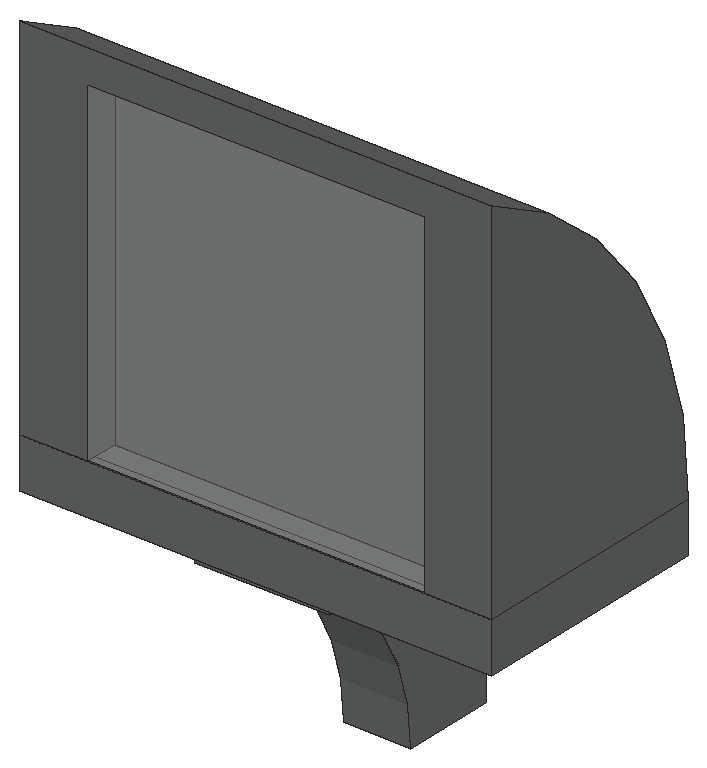
Revit family "Cruzer", category Lighting Fixtures, host Face, Revit 2012
Parameters (values of type "Basic Black Textured")
  Wattage Comments = "27,55,80,110 & 136 Watts"  # constant formula
  Wattage = 27 W
  built-in parameter 1150110 = 1 (stored number, unit not read)
  Voltage = 120 V
  URL = "http://www.beaconproducts.com/"
  built-in parameter 1114217 = 1 (stored number, unit not read)
  Tilt Angle = 90.00°  # constant formula
  built-in parameter 1150109 = 1 (stored number, unit not read)
  built-in parameter 1150134 = 3
  built-in parameter 1150113 = 1 (stored number, unit not read)
  Product Page URL = "http://www.beaconproducts.com/products/cruzer"
  Product Documentation Link = "http://www.beaconproducts.com/content/products/specs/specs_files/Cruzer_LED_spec_sheet.pdf"
  Photometric Web File = "CRZ-24NB-27-3K-T2.ies"
  Photometric Link = "http://www.beaconproducts.com/products/cruzer"
  Mounting Option = AM : AM
  Model = "CRUZER"  # constant formula
  Manufacturer Phone = "800-345-4928"  # constant formula
  Manufacturer Fax = "941-751-5535"  # constant formula
  Manufacturer = "Beacon Lighting"  # constant formula
  built-in parameter 1150105 = 319.16 (stored number, unit not read)
  Lumens = 4010.63 lm
  built-in parameter 1150115 = 1 (stored number, unit not read)
  Load Classification = Lighting
  built-in parameter 1150137 = (empty or 0)
  built-in parameter 1150139 = (empty or 0)
  built-in parameter 1150112 = 1 (stored number, unit not read)
  built-in parameter 1150114 = 1 (stored number, unit not read)
  Lamp = "LED"
  Input Wattage = 27 W
  built-in parameter 1150132 = (empty or 0)
  built-in parameter 1150102 = (empty or 0)
  built-in parameter 1150107 = 3200 (stored number, unit not read)
  built-in parameter 1150138 = (empty or 0)
  built-in parameter 1150106 = 3.1916 (stored number, unit not read)
  Glass = Hubbell - Glass
  Product Material = Paint - Hubbell - Basic Black Textured
  Emit from Rectangle Width = 10.00"  # constant formula
  Emit from Rectangle Length = 10.00"  # constant formula
  Emit Shape Visible in Rendering = no
  built-in parameter 1150104 = 13.8 (stored number, unit not read)
  Dimming Lamp Color Temperature Shift = <None>
  Description = "Cruzer Area Luminaire"  # constant formula
  Default Elevation = 48.00"
  Color Filter = 16777215
  built-in parameter 1114218 = 1 (stored number, unit not read)
  built-in parameter 1150133 = 10 (stored number, unit not read)
  Assembly Code = ""
  Apparent Load = 0 VA
Types (12): name | Product Material | Assembly Code
  Basic Black Textured | Paint - Hubbell - Basic Black Textured | ""
  Black Matte Textured | Paint - Hubbell - Black Matte Textured | ""
  Bronze Textured | Paint - Hubbell - Bronze Textured | ""
  Dark Bronze Textured | Paint - Hubbell - Dark Bronze Textured | ""
  Dark Platinum Smooth | Paint - Hubbell - Dark Platinum Smooth | ""
  Gray Smooth | Paint - Hubbell - Gray Smooth | ""
  Green Textured | Paint - Hubbell - Green Textured | ""
  Metallic Bronze Textured | Paint - Hubbell - Metallic Bronze Textured | ""
  Metallic Silver Textured | Paint - Hubbell - Metallic Silver Textured | ""
  Metallic Titanium Textured | Paint - Hubbell - Metallic Titanium Textured | ""
  Old World Iron | Paint - Hubbell - Old World Iron | ""
  White Texture | Paint - Hubbell - White Texture | "D5020280"
Reference planes (in)
  plane 1 "Center (Front/Back)": y = 0
  plane 2: z = 0
  plane 3 "Center (Left/Right)": x = 0
Dimensions and locks (in)
  aligned and locked: plane 2 to host face
  aligned and locked: level to host face
  aligned and locked: plane 3 "Center (Left/Right)" to nested 1
  aligned and locked: plane 1 "Center (Front/Back)" to nested 1
  aligned and locked: plane 3 "Center (Left/Right)" to nested 2
  aligned and locked: plane 1 "Center (Front/Back)" to nested 2
  aligned and locked: imposter light to nested 2
Nested families (in)
  nested 1: "AM" at (0, 0, 0), type <- "Mounting Option", type "AM"
  nested 2: "CRZ" at (0, -3.625, 6), type "CRZ"
Connectors (in)
  electrical at (0, 0.125, 6), driven by "Voltage", driven by "Load Classification", driven by "Apparent Load"
    settings: on nested 1, index 1, voltage 120 V, apparent load 0 VA, apparent load phase1 0 VA, apparent load phase2 0 VA, apparent load phase3 0 VA, power factor 1, load classification "Lighting", number of poles 1, system type 30, power factor state 1, is connector primary yes, connector utility no, sub classification motor no, connector description "Electrical Connector"
Definition of nested family "AM"
  Parameters (values of type "AM")
    Product Material = none
  Reference planes (in)
    plane 1 "Center (Front/Back)": y = 0
    plane 2: z = 0
    plane 3 "Center (Left/Right)": x = 0
    plane 4: z = 6
    plane 5: y = -3.625
    plane 6: x = -1
    plane 7: x = 1
    plane 8: y = 3.625
    plane 9: z = 5.75
  Forms (in)
    Extrusion 1, solid, material <- "Product Material"
      sketch origin (0, 0, 0) x (0, 1, 0) y (0, 0, 1)
        loop
          line (3.625, 0) -> (3.625, 5.75) -> (-2.875, 5.75)
          arc (-2.875, 5.75) -> (-0.13956, 3.43615) -> (0.875, 0) r 6.24798
          line (0.875, 0) -> (3.625, 0)
      from -1 to 1
    Extrusion 2, solid, material <- "Product Material"
      sketch origin (0.06017, 0, 0) x (1, 0, 0) y (0, 1, 0)
        loop
          line (-2.06017, 3.625) -> (-2.06017, -3.375) -> (1.93983, -3.375) -> (1.93983, 3.625) -> (-2.06017, 3.625)
      from 5.75 to 6
  Dimensions and locks (in)
    locked: plane 4 to level at 6
    aligned and locked: plane 2 to level
    aligned and locked: Extrusion 1 to plane 6
    aligned and locked: plane 4 to Extrusion 2
    aligned and locked: Extrusion 2 to plane 9
Definition of nested family "CRZ"
  Parameters (values of type "CRZ")
    Voltage = 0 V
    URL = ""
    Total Input Wattage = ""
    Product Page URL = ""
    Product Documentation Link = ""
    Model = ""
    Manufacturer Phone = ""
    Manufacturer Fax = ""
    Manufacturer = ""
    Lens = none
    Finish = none
    Description = ""
    Default Elevation = 48.00"
    Apparent Load = 0 VA
  Reference planes (in)
    plane 1 "Center (Front/Back)": y = 0
    plane 2: z = 0
    plane 3 "Center (Left/Right)": x = 0
    plane 4: x = 7
    plane 5: x = -7
    plane 6: z = 12.5
    plane 7: y = 7.25
    plane 8: z = 1.5
    plane 9: x = -5
    plane 10: x = 5
    plane 11: z = 11.5
    plane 12: y = 1
    plane 13: y = 0.25
    plane 14: y = 3.625
  Forms (in)
    Extrusion 1, solid
      sketch origin (0, 0, 0) x (1, 0, 0) y (0, 1, 0)
        loop
          line (-48, 48) -> (-48, -48) -> (48, -48) -> (48, 48) -> (-48, 48)
      from 0 to -12
    Extrusion 2, solid, material <- "Finish"
      sketch origin (0, 0, 0) x (1, 0, 0) y (0, 1, 0)
        loop
          line (-7, 7.25) -> (-7, 0) -> (7, 0) -> (7, 7.25) -> (-7, 7.25)
      from 0 to 1.5
    Extrusion 3, solid, material <- "Finish"
      sketch origin (0, 0, 0) x (0, 1, 0) y (0, 0, 1)
        loop
          line (0, 1.5) -> (7.25, 1.5)
          arc (7.25, 1.5) -> (5.32763, 8.12219) -> (0, 12.5) r 11.65882
          line (0, 12.5) -> (0, 1.5)
      from -7 to 7
    Extrusion 4, void
      sketch origin (0, -4.1, 25.58567) x (0, 0, 1) y (1, 0, 0)
        loop
          line (-14.08567, -5) -> (-14.08567, 5) -> (-24.08567, 5) -> (-24.08567, -5) -> (-14.08567, -5)
      from 4.1 to 5.1
    Extrusion 5, solid, material <- "Lens"
      sketch origin (0, -4.1, 25.58567) x (0, 0, 1) y (1, 0, 0)
        loop
          line (-14.08567, -5) -> (-14.08567, 5) -> (-24.08567, 5) -> (-24.08567, -5) -> (-14.08567, -5)
      from 4.1 to 4.35
  Cuts and joins
    Extrusion 4 cuts Extrusion 2
    Extrusion 4 cuts Extrusion 3
  Dimensions and locks (in)
    equal spacing: plane 5, plane 3 "Center (Left/Right)", plane 4
    plane 5 to plane 4 = 14.00"
    locked: plane 6 to level at 12.5
    locked: plane 1 "Center (Front/Back)" to plane 7 at 7.25
    locked: plane 8 to level at 1.5
    locked: plane 11 to plane 8 at 10
    plane 5 to plane 9 = 2.00"
    plane 4 to plane 10 = 2.00"
    equal spacing: plane 7, plane 14, plane 1 "Center (Front/Back)"
    aligned and locked: plane 2 to Extrusion 1
    aligned and locked: level to Extrusion 1
    aligned and locked: plane 7 to Extrusion 2 sketch curve
    aligned and locked: Extrusion 2 sketch curve to plane 5
    aligned and locked: Extrusion 2 sketch curve to plane 1 "Center (Front/Back)"
    aligned and locked: Extrusion 2 sketch curve to plane 4
    aligned and locked: plane 8 to Extrusion 2
    aligned and locked: plane 5 to Extrusion 3
    aligned and locked: plane 4 to Extrusion 3
    aligned and locked: plane 11 to Extrusion 4 sketch curve
    aligned and locked: plane 9 to Extrusion 4 sketch curve
    aligned and locked: Extrusion 4 sketch curve to plane 8
    aligned and locked: plane 10 to Extrusion 4 sketch curve
    aligned and locked: plane 1 "Center (Front/Back)" to Extrusion 4
    aligned and locked: cut or joined group of Extrusion 3, Extrusion 4 to plane 12
    aligned and locked: Extrusion 5 sketch curve to plane 9
    aligned and locked: Extrusion 5 sketch curve to plane 11
    aligned and locked: Extrusion 5 sketch curve to plane 10
    aligned and locked: plane 8 to Extrusion 5 sketch curve
    aligned and locked: plane 1 "Center (Front/Back)" to Extrusion 5
    aligned and locked: Extrusion 5 to plane 13
    aligned and locked: Extrusion 2 to level
  Automatic sketch dimensions
    Extrusion 1 sketch curve to Extrusion 1 sketch curve = 96.00"  (x2)
    Extrusion 3 sketch curve to plane 1 "Center (Front/Back)" = 0.00"
    Extrusion 3 sketch curve to plane 7 = 0.00"
    Extrusion 3 sketch curve to plane 8 = 0.00"
    Extrusion 3 sketch curve to plane 6 = 0.00"
    plane 8 to Extrusion 3 sketch curve = 0.20618"
